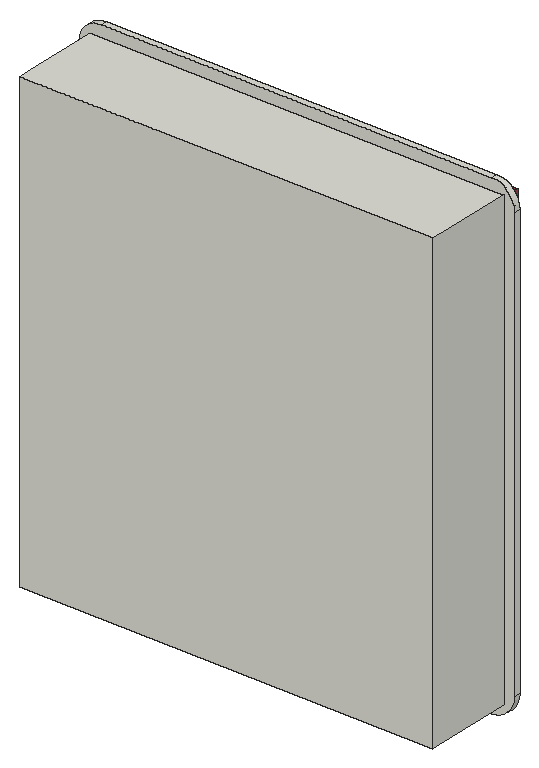
Revit family "Electrical-Box_FSR_WBMS3G", category Electrical Fixtures, host Wall, Revit 2026
Family settings
  Host = Wall
  Round Connector Dimension = Use Diameter
  Part Type = Normal
  Classification Number = 23.85.10.17.11
  Always vertical = Yes
  Cut with Voids When Loaded = No
  Maintain Annotation Orientation = No
  Shared = No
  Room Calculation Point = No
Parameters (values of type "Finish as Specified")
  Warranty Duration (Years) = 0
  URL = "http://www.fsrinc.com/"
  Trim Material = Material and Finish as Specified in 26 27 26
  Test Data = "ftp://doclib.fsrinc.com/"
  Specification = "http://www.arcat.com/specwizard/clients/fsrinc.html?coid=40389"
  Send Message = ""
  Sales Information = "http://www.fsrinc.com/salesContacts.htm"
  Product Properties = ""
  Product Data = "http://www.arcat.com/arcatcos/cos40/arc40389.html"
  Model = "WB-MS3G"
  Keynote = "26 27 26"
  Description = "FSR WB-MS3G - 3 Gang - Finish as Specified"
  Default Elevation = 0"
  Cover Material = Finish as Specified
  Manufacturer Website = "http://www.fsrinc.com/"
  Manufacturer Phone - Toll Free = "800-332-3771"
  Manufacturer Phone = "973-785-4347"
  Manufacturer Fax = "973-785-4207"
  Manufacturer Address = "244 Bergen Blvd; West Paterson; NJ 07424"
  Manufacturer = "FSR Inc."
  Maintenance Schedule (Months) = 0
  Installation-Fabrication = "ftp://doclib.fsrinc.com/"
  Installation Phase = ""
  Gross Width = 14"
  Gross Projection = 15"
  Gross Height = 15 1/2"
  Gross Depth = 3"
  Green Building-LEED = "http://www.arcat.com/green/clients04/leed_data_40389.html"
  Expected Lifespan (Years) = 0
  Drawn By = "Robert S. Weygant, CSI, CDT, SCIP"  # constant formula
  Copyright = "2009, ARCAT, Inc."  # constant formula
  Construction Details = "ftp://doclib.fsrinc.com/"
  Connections = ""
  Building Codes = "ftp://doclib.fsrinc.com/"
  Body Material = Material and Finish as Specified in 26 27 26
  Assembly Code = "D5020100"
  Alto tapa = -1 147/256"
Types (3): name | Description | Cover Material
  Finish as Specified | "FSR WB-MS3G - 3 Gang - Finish as Specified" | Finish as Specified
  Primed Finish | "FSR WB-MS3G - 3 Gang - Primed Finish" | Prime Paint
  White Finish | "FSR WB-MS3G - 3 Gang - White Finish" | White
Reference planes (in)
  plane 1: y = 0
  plane 2 "Center (Left/Right)": x = 0.0468
  plane 3 "Wall Edge": y = 3
  plane 4 "Top": z = 82.67717
  plane 5: z = 67.17717
  plane 6 "Left": x = 7.0468
  plane 7 "Right": x = -6.9532
  plane 8: z = 74.92717
  plane 9: y = 18
  plane 10: y = 3
Forms (in)
  Extrusion 1, void
    sketch origin (0, 3, 0) x (1, 0, 0) y (0, 0, 1)
      loop
        line (7.0468, 82.67717) -> (-6.9532, 82.67717) -> (-6.9532, 67.17717) -> (7.0468, 67.17717) -> (7.0468, 82.67717)
    from 0 to 3 <- "Gross Depth"
  Extrusion 2, solid, material "Material and Finish as Specified in 26 27 26" <- "Body Material"
    sketch origin (0, 3, 0) x (1, 0, 0) y (0, 0, 1)
      loop
        line (7.0468, 82.67717) -> (-6.9532, 82.67717) -> (-6.9532, 67.17717) -> (7.0468, 67.17717) -> (7.0468, 82.67717)
      loop
        line (-6.5595, 82.28346) -> (-6.5595, 67.57087) -> (6.6531, 67.57087) -> (6.6531, 82.28346) -> (-6.5595, 82.28346)
    from 0 to 3 <- "Gross Depth"
  Extrusion 3, solid, material "Material and Finish as Specified in 26 27 26" <- "Body Material"
    sketch origin (0, 1.22835, 0) x (1, 0, 0) y (0, 0, 1)
      loop
        line (7.0468, 82.67717) -> (-6.9532, 82.67717) -> (-6.9532, 67.17717) -> (7.0468, 67.17717) -> (7.0468, 82.67717)
    from 0.83465 to 1.22835
  Extrusion 4, solid, material "Material and Finish as Specified in 26 27 26" <- "Trim Material"
    sketch origin (0, 3, 0) x (1, 0, 0) y (0, 0, 1)
      loop
        line (6.6531, 83.07087) -> (-6.5595, 83.07087)
        arc (-6.5595, 83.07087) -> (-7.11627, 82.84024) -> (-7.3469, 82.28346) r 0.7874
        line (-7.3469, 82.28346) -> (-7.3469, 67.57087)
        arc (-7.3469, 67.57087) -> (-7.11627, 67.01409) -> (-6.5595, 66.78346) r 0.7874
        line (-6.5595, 66.78346) -> (6.6531, 66.78346)
        arc (6.6531, 66.78346) -> (7.20988, 67.01409) -> (7.4405, 67.57087) r 0.7874
        line (7.4405, 67.57087) -> (7.4405, 82.28346)
        arc (7.4405, 82.28346) -> (7.20988, 82.84024) -> (6.6531, 83.07087) r 0.7874
    from 0 to -0.19685
  Extrusion 5, solid, material "Finish as Specified" <- "Cover Material"
    sketch origin (0, 3, 0) x (1, 0, 0) y (0, 0, 1)
      loop
        line (6.2594, 81.88976) -> (-6.16579, 81.88976) -> (-6.16579, 67.96457) -> (6.2594, 67.96457) -> (6.2594, 81.88976)
    from -0.19685 to -1.57422 <- "Alto tapa"
  Extrusion 6, solid, material "Material and Finish as Specified in 26 27 26" <- "Trim Material"
    sketch origin (0, 4.57422, 0) x (-1, 0, 0) y (0, 0, 1)
      loop
        circle (-0.0468, 69.14567) r 0.3937
    from 0 to 0.19685
Cuts and joins
  joined: Extrusion 2, Extrusion 3
Text (in)
  text "Interior" at (0, 40.15149, 123.01588), in view "A 203 - Side Elevation"
  text "Interior" at (-70.3804, 41.28885, 0), in view "A-101 Plan View"
  text "Interior" at (0, 81.62555, 140.59947), in view "Left"
  text "Exterior" at (-70.3804, -27.04218, 0), in view "A-101 Plan View"
  text "Exterior" at (0, -34.75086, 140.59947), in view "Left"
  text "Exterior" at (0, -52.24725, 123.01588), in view "A 203 - Side Elevation"
Dimensions and locks (in)
  locked: plane 3 "Wall Edge" to host wall
  equal spacing: plane 5, plane 8, plane 4 "Top"
  equal spacing: plane 7 "Right", plane 2 "Center (Left/Right)", plane 6 "Left"
  "Gross Width": plane 7 "Right" to plane 6 "Left"
  "Gross Height": plane 5 to plane 4 "Top"
  "Gross Projection": plane 9 to plane 10
  locked: Extrusion 3 to Extrusion 3 at 0.3937
  locked: plane 6 "Left" to Extrusion 4 sketch curve at 0.3937
  locked: plane 7 "Right" to Extrusion 4 sketch curve at 0.3937
  locked: plane 4 "Top" to Extrusion 4 sketch curve at 0.3937
  locked: Extrusion 4 sketch curve to plane 5 at 0.3937
  locked: Extrusion 5 sketch curve to plane 7 "Right" at 0.7874
  locked: plane 5 to Extrusion 5 sketch curve at 0.7874
  locked: Extrusion 5 sketch curve to plane 6 "Left" at 0.7874
  locked: Extrusion 5 sketch curve to plane 4 "Top" at 0.7874
  locked: plane 5 to Extrusion 6 sketch curve at 1.9685
  aligned and locked: plane 3 "Wall Edge" to plane 10
  aligned and locked: plane 6 "Left" to Extrusion 1 sketch curve
  aligned and locked: plane 4 "Top" to Extrusion 1 sketch curve
  aligned and locked: plane 5 to Extrusion 1 sketch curve
  aligned and locked: Extrusion 1 sketch curve to plane 7 "Right"
  aligned and locked: plane 6 "Left" to Extrusion 2 sketch curve
  aligned and locked: plane 4 "Top" to Extrusion 2 sketch curve
  aligned and locked: plane 5 to Extrusion 2 sketch curve
  aligned and locked: Extrusion 2 sketch curve to plane 7 "Right"
  aligned and locked: Extrusion 3 sketch curve to Extrusion 2  (x3)
  aligned and locked: Extrusion 2 to Extrusion 3 sketch curve
  aligned and locked: Extrusion 3 to Extrusion 2
  aligned and locked: plane 2 "Center (Left/Right)" to Extrusion 6 sketch curve
Automatic sketch dimensions
  plane 7 "Right" to Extrusion 2 sketch curve = 0.3937"
  plane 6 "Left" to Extrusion 2 sketch curve = 0.3937"
  plane 5 to Extrusion 2 sketch curve = 0.3937"
  Extrusion 2 sketch curve to plane 4 "Top" = 0.3937"
  plane 7 "Right" to Extrusion 4 sketch curve = 0.3937"  (x2)
  plane 5 to Extrusion 4 sketch curve = 0.3937"
  plane 6 "Left" to Extrusion 4 sketch curve = 0.3937"
  radius of Extrusion 6 sketch curve = 0.3937"
